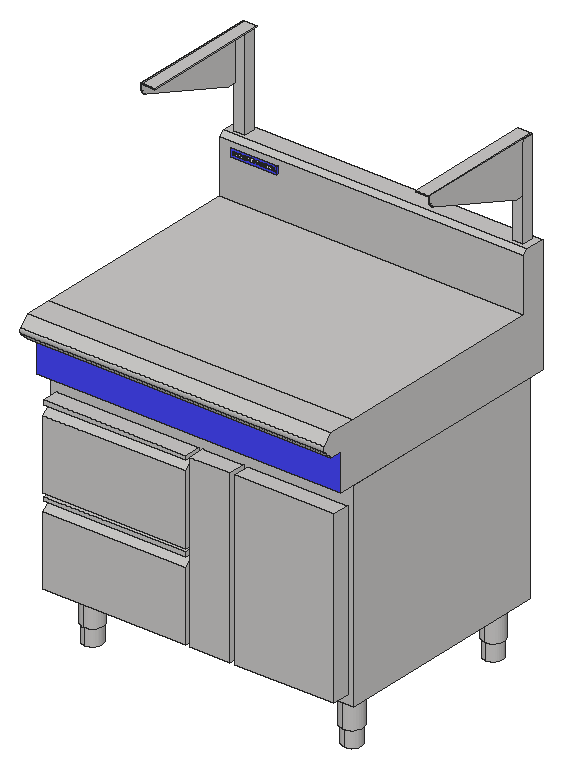
Revit family "QF_MOFFAT_BLUESEAL_CE_B90S-RB", category Specialty Equipment, Revit 2012
Parameters
  Width = 900 mm
  Weight in Pounds = 266  # constant formula
  Watts = Volts * FL Amps  # 414 W
  Volts = 230 V
  URL Cutsheet = "www.moffat.com"
  URL = "www.moffat.com"
  Type Mark [instance] = ""
  Status [instance] = "R134a"
  Specification by User [instance] = ""
  Specification by Manufacturer = ""
  Show Logo [instance] = yes
  Show Clearance [instance] = yes
  Show Casters [instance] = no
  Serial Number = ""
  Seismic Rating = ""
  SMACNA No = ""
  Revision Code [instance] = ""
  Refrigerant Type [instance] = ""
  Phase = 1
  Omniclass Number and Title = ""
  Number of Poles [instance] = 1
  NAFEM Spec ID Number = ""
  Model = "B90S-RB"
  Min Ckt Ampacity = 0 A
  Max Overcurrent Protection = 0 A
  Masterspec = ""
  Manufacturer = "MOFFAT BLUESEAL"
  Legs [instance] = not(Show Casters)  # yes
  Item Number [instance] = ""
  Installed By [instance] = ""
  Identify Quantity as Lot [instance] = yes
  Height = 1085 mm
  HP = ""
  Furnished By [instance] = ""
  Foodservice Equipment Identifier [instance] = yes
  FL Amps = 1.8 A
  Electrical Remarks = ""
  Electric Connection Type = ""
  Elec Conn RI Height = 0 mm
  Elec Conn Connection Height = 0 mm
  Description = "900MM BENCH TOP ON REFRIGERATED BASE"
  Depth = 812 mm
  Cycle = 50 Hz
  Conn Plug = ""
  Conn Conduit = yes
  CSI MasterFormat = ""
  CSI Master Format = ""
  Body Finish [instance] = QF_Finishes_Stainless Steel
  Apparent Power = 0 VA
Reference planes
  plane 1 "BACK": y = 0
  plane 2: z = 0
  plane 3 "LEFT": x = 0
  plane 4 "RIGHT": x = 900
  plane 5 "FRONT": y = -812
  plane 6 "TOP": z = 970
  plane 7 "Center Y": x = 450
  plane 8 "Center X": y = -406
  plane 9: x = 280
  plane 10: y = -574.272
  plane 11: x = 60
  plane 12: y = -304.972
  plane 13: y = -364.972
  plane 14: x = 74
  plane 15: x = 834.5
  plane 16: y = -32
  plane 17: z = 655
  plane 18: z = 1085
Forms (mm)
  Revolve 1, solid, material "QF_Finishes_Stainless Steel"
    sketch origin (834.5, -696.126, 0) x (0, 1, 0) y (0, 0, -1)
      loop
        line (39.376, -150) -> (71.126, -150) -> (71.126, 0) -> (43.626, 0) -> (43.626, -50) -> (39.376, -50) -> (39.376, -150)
      axis (71.126, -150) -> (71.126, 0)
    angle from 0 to 360
  Revolve 2, solid, material "QF_Finishes_Stainless Steel"
    sketch origin (65.5, -696.126, 0) x (0, 1, 0) y (0, 0, 1)
      loop
        line (39.376, 150) -> (39.376, 50) -> (43.626, 50) -> (43.626, 0) -> (71.126, 0) -> (71.126, 150) -> (39.376, 150)
      axis (71.126, 150) -> (71.126, 0)
    angle from 0 to 360
  Extrusion 3, solid, material "QF_Finishes_Stainless Steel", visible <- "Show Casters"
    sketch origin (71.501, 133.353, -8.783) x (0, 1, 0) y (0, 0, 1)
      loop
        line (-201.603, 118.783) -> (-265.103, 118.783) -> (-252.746, 53.895)
        arc (-252.746, 53.895) -> (-233.353, 38.783) -> (-213.959, 53.895) r 20
        line (-213.959, 53.895) -> (-201.603, 118.783)
    from -35.667 to 22.923
  Revolve 4, solid, material "QF_Finishes_Stainless Steel", visible <- "Show Casters"
    sketch origin (65, -203, 0) x (0, 1, 0) y (0, 0, 1)
      loop
        line (67.25, 150) -> (67.25, 110) -> (103, 110) -> (103, 150) -> (67.25, 150)
      axis (103, 150) -> (103, 110)
    angle from 0 to 360
  Revolve 5, solid, material "QF_Finishes_Stainless Steel", visible <- "Show Casters"
    sketch origin (834.5, -203, 0) x (0, 1, 0) y (0, 0, -1)
      loop
        line (67.25, -150) -> (103, -150) -> (103, -110) -> (67.25, -110) -> (67.25, -150)
      axis (103, -150) -> (103, -110)
    angle from 0 to 360
  Revolve 6, solid, material "QF_Finishes_Stainless Steel", visible <- "Show Casters"
    sketch origin (785.276, -99.755, -13.653) x (1, 0, 0) y (0, 0, 1)
      loop
        line (14.841, 64.453) -> (83.584, 64.453) -> (83.584, 67.958) -> (82.314, 69.228) -> (80.79, 69.228) -> (80.79, 72.674) -> (68.644, 72.674) -> (68.644, 82.639) -> (65.088, 84.692) -> (63.738, 93.028) -> (65.881, 93.028) -> (65.881, 99.378) -> (65.088, 99.378) -> (65.088, 105.728)
        arc (65.088, 105.728) -> (62.298, 112.463) -> (55.563, 115.253) r 9.525
        line (55.563, 115.253) -> (42.863, 115.253)
        arc (42.863, 115.253) -> (36.127, 112.463) -> (33.338, 105.728) r 9.525
        line (33.338, 105.728) -> (33.338, 99.378) -> (32.544, 99.378) -> (32.544, 93.028) -> (34.687, 93.028) -> (33.352, 84.781) -> (29.782, 82.719) -> (29.782, 72.674) -> (17.635, 72.674) -> (17.635, 69.228) -> (16.111, 69.228) -> (14.841, 67.958) -> (14.841, 64.453)
      axis (14.841, 64.453) -> (83.584, 64.453)
    angle from 0 to 360
  Extrusion 7, solid, material "QF_Finishes_Stainless Steel", visible <- "Show Casters"
    sketch origin (841.001, 133.353, -8.783) x (0, 1, 0) y (0, 0, 1)
      loop
        line (-201.603, 118.783) -> (-265.103, 118.783) -> (-252.746, 53.895)
        arc (-252.746, 53.895) -> (-233.353, 38.783) -> (-213.959, 53.895) r 20
        line (-213.959, 53.895) -> (-201.603, 118.783)
    from -35.667 to 22.923
  Revolve 8, solid, material "QF_Finishes_Stainless Steel", visible <- "Legs"
    sketch origin (65, -165, 0) x (0, 1, 0) y (0, 0, 1)
      loop
        line (33.25, 150) -> (33.25, 50) -> (37.5, 50) -> (37.5, 0) -> (65, 0) -> (65, 150) -> (33.25, 150)
      axis (65, 150) -> (65, 0)
    angle from 0 to 360
  Revolve 9, solid, material "QF_Finishes_Stainless Steel", visible <- "Legs"
    sketch origin (834.5, -165, 0) x (0, 1, 0) y (0, 0, -1)
      loop
        line (33.25, -150) -> (65, -150) -> (65, 0) -> (37.5, 0) -> (37.5, -50) -> (33.25, -50) -> (33.25, -150)
      axis (65, -150) -> (65, 0)
    angle from 0 to 360
  Revolve 10, solid, material "QF_Finishes_Stainless Steel", visible <- "Show Casters"
    sketch origin (114.224, -99.755, -13.653) x (-1, 0, 0) y (0, 0, -1)
      loop
        line (14.841, -64.453) -> (14.841, -67.958) -> (16.111, -69.228) -> (17.635, -69.228) -> (17.635, -72.674) -> (29.782, -72.674) -> (29.782, -82.719) -> (33.352, -84.781) -> (34.687, -93.028) -> (32.544, -93.028) -> (32.544, -99.378) -> (33.338, -99.378) -> (33.338, -105.728)
        arc (33.338, -105.728) -> (36.127, -112.463) -> (42.863, -115.253) r 9.525
        line (42.863, -115.253) -> (55.563, -115.253)
        arc (55.563, -115.253) -> (62.298, -112.463) -> (65.088, -105.728) r 9.525
        line (65.088, -105.728) -> (65.088, -99.378) -> (65.881, -99.378) -> (65.881, -93.028) -> (63.738, -93.028) -> (65.088, -84.692) -> (68.644, -82.639) -> (68.644, -72.674) -> (80.79, -72.674) -> (80.79, -69.228) -> (82.314, -69.228) -> (83.584, -67.958) -> (83.584, -64.453) -> (14.841, -64.453)
      axis (14.841, -64.453) -> (83.584, -64.453)
    angle from 0 to 360
  Extrusion 11, solid, material "QF_Finishes_Stainless Steel"
    sketch origin (0, 0, 0) x (0, 1, 0) y (0, 0, 1)
      loop
        line (-699, 678) -> (-747, 678) -> (-747, 665) -> (-715.13, 665) -> (-749, 636.579) -> (-749, 431) -> (-699, 431) -> (-699, 678)
      loop
        line (-749, 175) -> (-699, 175) -> (-699, 421) -> (-747, 421) -> (-747, 408) -> (-715.13, 408) -> (-749, 379.579) -> (-749, 175)
    from 17.986 to 440
  Extrusion 12, solid, material "QF_Finishes_Stainless Steel"
    sketch origin (723.5, 0, 0) x (0, 1, 0) y (0, 0, 1)
      loop
        line (-699, 678) -> (-749, 678) -> (-749, 175) -> (-699, 175) -> (-699, 678)
    from -270.5 to -150.5
  Extrusion 13, solid, material "QF_Door-Drawer Clearances", visible <- "Show Clearance", detail levels coarse
    sketch origin (0, -749, 676) x (0, 0, -1) y (1, 0, 0)
      loop
        line (501, 440) -> (255, 440) -> (255, 17.986) -> (501, 17.986) -> (501, 440)
      loop
        line (245, 440) -> (-2, 440) -> (-2, 17.986) -> (245, 17.986) -> (245, 440)
    from 0 to 304.8
  Extrusion 14, solid, material "QF_Finishes_Stainless Steel"
    sketch origin (0, -47, 150) x (0, 0, 1) y (1, 0, 0)
      loop
        circle (270, 526) r 6.35
    from 0 to 1.6
  Extrusion 15, solid, material "QF_Finishes_Stainless Steel"
    sketch origin (0, 0, 0) x (0, 1, 0) y (0, 0, 1)
      loop
        line (0, 1085) -> (-57, 1085) -> (-70, 1072) -> (-70, 915) -> (-705, 915) -> (-783.97, 915) -> (-808.503, 890.467)
        arc (-808.503, 890.467) -> (-812.01, 882) -> (-808.503, 873.533) r 11.974
        line (-808.503, 873.533) -> (-784.97, 850) -> (-749, 850) -> (-749, 740) -> (0, 740) -> (0, 1085)
      loop
        line (-699, 150) -> (-47, 150) -> (-47, 695.183) -> (-47, 737.784) -> (-699, 737.784) -> (-699, 150)
    from 0 to 900
  Extrusion 16, solid, material "QF_Finishes_Stainless Steel" <- "Body Finish"
    sketch origin (0, 0, 158) x (0, 1, 0) y (0, 0, 1)
      loop
        line (-13, 1204.5) -> (-45, 1204.5) -> (-45, 927) -> (-13, 927) -> (-13, 1204.5)
    from 21.5 to 53.5
  Extrusion 17, solid, material "QF_Finishes_Stainless Steel" <- "Body Finish"
    sketch origin (0, 0, 158) x (0, 1, 0) y (0, 0, 1)
      loop
        line (-391, 1207) -> (-391, 1194.344)
        arc (-391, 1194.344) -> (-386.541, 1180.094) -> (-374.754, 1170.927) r 25
        line (-374.754, 1170.927) -> (-70, 1057) -> (-13, 1057) -> (-13, 1207) -> (-391, 1207)
    from 21.5 to 24.592
  Extrusion 18, solid, material "QF_Finishes_Stainless Steel" <- "Body Finish"
    sketch origin (0, -45, 1362.5) x (0, 1, 0) y (-1, 0, 0)
      loop
        line (32, -24.592) -> (-346, -24.592) -> (-346, -64) -> (32, -64) -> (32, -24.592)
    from 0 to 2.5
  Extrusion 19, solid, material "QF_Finishes_Stainless Steel" <- "Body Finish"
    sketch origin (900, 0, 158) x (0, -1, 0) y (0, 0, 1)
      loop
        line (13, 1204.5) -> (13, 927) -> (45, 927) -> (45, 1204.5) -> (13, 1204.5)
    from 21.5 to 53.5
  Extrusion 20, solid, material "QF_Finishes_Stainless Steel" <- "Body Finish"
    sketch origin (900, 0, 158) x (0, -1, 0) y (0, 0, 1)
      loop
        line (391, 1207) -> (13, 1207) -> (13, 1057) -> (70, 1057) -> (374.754, 1170.927)
        arc (374.754, 1170.927) -> (386.541, 1180.094) -> (391, 1194.344) r 25
        line (391, 1194.344) -> (391, 1207)
    from 21.5 to 24.592
  Extrusion 21, solid, material "QF_Finishes_Stainless Steel" <- "Body Finish"
    sketch origin (900, -45, 1362.5) x (0, 1, 0) y (-1, 0, 0)
      loop
        line (32, 24.592) -> (32, 64) -> (-346, 64) -> (-346, 24.592) -> (32, 24.592)
    from 0 to 2.5
  Extrusion 22, solid, material "QF_Clearance", visible <- "Show Clearance", detail levels coarse
    sketch origin (0, -391, 1365) x (0, 1, 0) y (-1, 0, 0)
      loop
        line (378, -21.5) -> (0, -21.5) -> (0, -878.5) -> (378, -878.5) -> (378, -21.5)
    from 0 to 405
  Extrusion 23, solid, material "QF_Finishes_Stainless Steel"
    sketch origin (1031.5, 0, 0) x (0, 1, 0) y (0, 0, 1)
      loop
        line (-699, 678) -> (-749, 678) -> (-749, 175) -> (-699, 175) -> (-699, 678)
    from -444.5 to -150.5
Lines and regions (mm)
  Split face 1
    outline origin (0, 0, 1085) x (0, -1, 0) y (1, 0, 0)
      loop
        line (18.185, 271.959) -> (18.185, 44)
        arc (18.185, 44) -> (23.185, 35.34) -> (33.185, 35.34) r 10
        line (33.185, 35.34) -> (40.185, 39.381)
        arc (40.185, 39.381) -> (43.846, 43.041) -> (45.185, 48.041) r 10
        line (45.185, 48.041) -> (45.185, 276)
        arc (45.185, 276) -> (40.185, 284.66) -> (30.185, 284.66) r 10
        line (30.185, 284.66) -> (23.185, 280.619)
        arc (23.185, 280.619) -> (19.525, 276.959) -> (18.185, 271.959) r 10
  Split face 2
    outline origin (330, 7.097, 1085) x (0, -1, 0) y (1, 0, 0)
      loop
        line (25.282, 231.959) -> (25.282, 4)
        arc (25.282, 4) -> (30.282, -4.66) -> (40.282, -4.66) r 10
        line (40.282, -4.66) -> (47.282, -0.618)
        arc (47.282, -0.618) -> (50.942, 3.042) -> (52.282, 8.042) r 10
        line (52.282, 8.042) -> (52.282, 236)
        arc (52.282, 236) -> (47.282, 244.661) -> (37.282, 244.661) r 10
        line (37.282, 244.661) -> (30.282, 240.619)
        arc (30.282, 240.619) -> (26.622, 236.959) -> (25.282, 231.959) r 10
  Split face 3
    outline origin (620.967, 9.462, 1085) x (0, -1, 0) y (1, 0, 0)
      loop
        line (27.648, 230.992) -> (27.648, 3.033)
        arc (27.648, 3.033) -> (32.648, -5.627) -> (42.648, -5.627) r 10
        line (42.648, -5.627) -> (49.648, -1.586)
        arc (49.648, -1.586) -> (53.308, 2.074) -> (54.648, 7.074) r 10
        line (54.648, 7.074) -> (54.648, 235.033)
        arc (54.648, 235.033) -> (49.648, 243.693) -> (39.648, 243.693) r 10
        line (39.648, 243.693) -> (32.648, 239.652)
        arc (32.648, 239.652) -> (28.988, 235.992) -> (27.648, 230.992) r 10
  Split face 4
    outline origin (1031.5, -749, 676) x (0, 0, -1) y (1, 0, 0)
      loop
        line (291.62, -416.534) -> (481.62, -416.534) -> (481.62, -181.534) -> (291.62, -181.534) -> (291.62, -416.534)
  Split face 5
    outline origin (1031.5, -749, 931) x (0, 0, -1) y (1, 0, 0)
      loop
        line (291.62, -416.534) -> (356.62, -416.534) -> (356.62, -181.534) -> (291.62, -181.534) -> (291.62, -416.534)
  Split face 6
    outline origin (1031.5, -749, 807.725) x (0, 0, -1) y (1, 0, 0)
      loop
        line (307.841, -274.649) -> (342.841, -274.649) -> (342.841, -219.649) -> (307.841, -219.649) -> (307.841, -274.649)
  Split face 7
    outline origin (939.097, -749, 808.536) x (0, 0, -1) y (1, 0, 0)
      loop
        line (307.841, -274.649) -> (342.841, -274.649) -> (342.841, -239.649) -> (307.841, -239.649) -> (307.841, -274.649)
  symbolic lines
    curve 1: line (0, 0, 0) -> (0, -812, 0)
    curve 2: line (900, 0, 0) -> (0, 0, 0)
    curve 3: line (900, -812, 0) -> (900, 0, 0)
    curve 4: line (0, -70, 0) -> (900, -70, 0)
    curve 5: line (900, -812, 0) -> (0, -812, 0)
    curve 6: line (900, -57, 0) -> (0, -57, 0)
    curve 7: line (276, -45.185, 0) -> (48.041, -45.185, 0)
    curve 8: arc (48.041, -45.185, 0) -> (43.041, -43.846, 0) -> (39.381, -40.185, 0) r 10
    curve 9: line (39.381, -40.185, 0) -> (35.34, -33.185, 0)
    curve 10: arc (35.34, -33.185, 0) -> (35.34, -23.185, 0) -> (44, -18.185, 0) r 10
    curve 11: line (44, -18.185, 0) -> (271.959, -18.185, 0)
    curve 12: arc (271.959, -18.185, 0) -> (276.959, -19.525, 0) -> (280.619, -23.185, 0) r 10
    curve 13: line (280.619, -23.185, 0) -> (284.66, -30.185, 0)
    curve 14: arc (284.66, -30.185, 0) -> (284.66, -40.185, 0) -> (276, -45.185, 0) r 10
    curve 15: line (566, -45.185, 0) -> (338.041, -45.185, 0)
    curve 16: arc (338.041, -45.185, 0) -> (333.041, -43.846, 0) -> (329.381, -40.185, 0) r 10
    curve 17: line (329.381, -40.185, 0) -> (325.34, -33.185, 0)
    curve 18: arc (325.34, -33.185, 0) -> (325.34, -23.185, 0) -> (334, -18.185, 0) r 10
    curve 19: line (334, -18.185, 0) -> (561.959, -18.185, 0)
    curve 20: arc (561.959, -18.185, 0) -> (566.959, -19.525, 0) -> (570.619, -23.185, 0) r 10
    curve 21: line (570.619, -23.185, 0) -> (574.66, -30.185, 0)
    curve 22: arc (574.66, -30.185, 0) -> (574.66, -40.185, 0) -> (566, -45.185, 0) r 10
    curve 23: line (856, -45.185, 0) -> (628.041, -45.185, 0)
    curve 24: arc (628.041, -45.185, 0) -> (623.041, -43.846, 0) -> (619.381, -40.185, 0) r 10
    curve 25: line (619.381, -40.185, 0) -> (615.34, -33.185, 0)
    curve 26: arc (615.34, -33.185, 0) -> (615.34, -23.185, 0) -> (624, -18.185, 0) r 10
    curve 27: line (624, -18.185, 0) -> (851.959, -18.185, 0)
    curve 28: arc (851.959, -18.185, 0) -> (856.959, -19.525, 0) -> (860.619, -23.185, 0) r 10
    curve 29: line (860.619, -23.185, 0) -> (864.66, -30.185, 0)
    curve 30: arc (864.66, -30.185, 0) -> (864.66, -40.185, 0) -> (856, -45.185, 0) r 10
    curve 31: line (0, -783.97, 0) -> (900, -783.97, 0)
    curve 39: line (21.48, -13, 0) -> (21.48, -391, 0)
    curve 40: line (63.98, -391, 0) -> (63.98, -13, 0)
    curve 41: line (63.98, -13, 0) -> (21.48, -13, 0)
    curve 42: line (878.52, -13, 0) -> (878.52, -391, 0)
    curve 43: line (878.52, -391, 0) -> (836.02, -391, 0)
    curve 44: line (836.02, -391, 0) -> (836.02, -13, 0)
    curve 45: line (836.02, -13, 0) -> (878.52, -13, 0)
    curve 46: line (21.48, -391, 0) -> (63.98, -391, 0)
  symbolic lines, style "QF_Door-Drawer Clearances"
    curve 32: line (0, -1053.8, 0) -> (0, -812, 0)
    curve 33: line (440, -812, 0) -> (440, -1053.8, 0)
    curve 34: line (440, -1053.8, 0) -> (0, -1053.8, 0)
  symbolic lines, style "QF_Clearances", visible <- "Show Clearance", detail levels coarse
    curve 35: line (21.48, -13, 0) -> (21.48, -391, 0)
    curve 36: line (21.48, -391, 0) -> (878.52, -391, 0)
    curve 37: line (878.52, -391, 0) -> (878.52, -13, 0)
    curve 38: line (878.52, -13, 0) -> (21.48, -13, 0)
Dimensions and locks
  equal spacing: plane 3 "LEFT", plane 7 "Center Y", plane 4 "RIGHT"
  "Width": plane 3 "LEFT" to plane 4 "RIGHT"
  equal spacing: plane 5 "FRONT", plane 8 "Center X", plane 1 "BACK"
  "Depth": plane 5 "FRONT" to plane 1 "BACK"
  equal spacing: plane 4 "RIGHT", plane 7 "Center Y", plane 3 "LEFT"
  plane 4 "RIGHT" to plane 3 "LEFT" = 900 mm
  plane 5 "FRONT" to plane 1 "BACK" = 812 mm
  plane 10 to plane 1 "BACK" = 574.272 mm
  plane 12 to plane 1 "BACK" = 304.972 mm  (x2)
  plane 11 to plane 3 "LEFT" = 60 mm
  plane 14 to plane 3 "LEFT" = 74 mm
  plane 9 to plane 3 "LEFT" = 280 mm
  plane 6 "TOP" to plane 2 = 970 mm
  plane 17 to level = 655 mm
  Revolve 6 sketch curve to Revolve 6 sketch curve = 50.8 mm
  Revolve 10 sketch curve to Revolve 10 sketch curve = 50.8 mm
  plane 18 to level = 1085 mm  (x2)
  Extrusion 14 sketch curve to plane 4 "RIGHT" = 374 mm
  level to Extrusion 14 sketch curve = 420 mm
  aligned and locked: level to plane 2
  aligned and locked: curve 3 to plane 4 "RIGHT"
Automatic sketch dimensions
  Revolve 1 sketch curve to level = 0 mm
  Revolve 1 sketch curve to plane 10 = 82.478 mm
  Revolve 1 sketch curve to Revolve 1 sketch curve = 4.25 mm
  Revolve 1 sketch curve to Revolve 1 sketch curve = 27.5 mm  (x2)
  level to Revolve 1 sketch curve = 50 mm
  Revolve 1 sketch curve to Revolve 1 sketch curve = 0 mm
  Revolve 1 sketch curve to Revolve 1 sketch curve = 100 mm
  Revolve 1 sketch curve to Revolve 1 sketch curve = 55 mm
  Revolve 2 sketch curve to level = 0 mm
  Revolve 2 sketch curve to plane 10 = 82.478 mm
  Revolve 2 sketch curve to Revolve 2 sketch curve = 4.25 mm
  Revolve 2 sketch curve to Revolve 2 sketch curve = 27.5 mm  (x2)
  Revolve 2 sketch curve to level = 55 mm
  Revolve 2 sketch curve to Revolve 2 sketch curve = 50 mm
  Revolve 2 sketch curve to Revolve 2 sketch curve = 0 mm
  Revolve 2 sketch curve to Revolve 2 sketch curve = 100 mm
  Extrusion 3 sketch curve to plane 16 = 99.75 mm
  Extrusion 3 sketch curve to Extrusion 3 sketch curve = 12.357 mm
  Extrusion 3 sketch curve to Extrusion 3 sketch curve = 19.393 mm  (x2)
  level to Extrusion 3 sketch curve = 45.111 mm
  Extrusion 3 sketch curve to plane 16 = 36.25 mm
  Extrusion 3 sketch curve to Extrusion 3 sketch curve = 4.889 mm
  Extrusion 3 sketch curve to Extrusion 3 sketch curve = 64.889 mm
  Revolve 4 sketch curve to plane 16 = 103.75 mm
  Revolve 4 sketch curve to plane 16 = 68 mm
  Revolve 4 sketch curve to Revolve 4 sketch curve = 35.75 mm
  Revolve 4 sketch curve to level = 55 mm
  level to Revolve 4 sketch curve = 50 mm
  Revolve 4 sketch curve to Revolve 4 sketch curve = 60 mm
  Revolve 4 sketch curve to Revolve 4 sketch curve = 40 mm
  Revolve 5 sketch curve to plane 16 = 103.75 mm
  Revolve 5 sketch curve to plane 16 = 68 mm
  Revolve 5 sketch curve to Revolve 5 sketch curve = 35.75 mm
  level to Revolve 5 sketch curve = 150 mm
  Revolve 5 sketch curve to Revolve 5 sketch curve = 40 mm
  level to Revolve 5 sketch curve = 50 mm
  Revolve 5 sketch curve to level = 55 mm
  Revolve 6 sketch curve to plane 15 = 34.382 mm
  Revolve 6 sketch curve to Revolve 6 sketch curve = 1.27 mm  (x4)
  Revolve 6 sketch curve to Revolve 6 sketch curve = 1.524 mm  (x2)
  Revolve 6 sketch curve to Revolve 6 sketch curve = 12.146 mm  (x2)
  Revolve 6 sketch curve to plane 15 = 16.68 mm
  Revolve 6 sketch curve to Revolve 6 sketch curve = 0.794 mm  (x2)
  Revolve 6 sketch curve to Revolve 6 sketch curve = 3.57 mm
  Revolve 6 sketch curve to Revolve 6 sketch curve = 2.143 mm
  Revolve 6 sketch curve to plane 15 = 6.361 mm
  plane 15 to Revolve 6 sketch curve = 5.13 mm
  plane 15 to Revolve 6 sketch curve = 6.339 mm
  plane 15 to Revolve 6 sketch curve = 14.515 mm
  Revolve 6 sketch curve to Revolve 6 sketch curve = 1.349 mm  (x2)
  Revolve 6 sketch curve to Revolve 6 sketch curve = 3.556 mm
  Revolve 6 sketch curve to plane 4 "RIGHT" = 2.18 mm
  level to Revolve 6 sketch curve = 50.8 mm
  Revolve 6 sketch curve to Revolve 6 sketch curve = 0 mm
  Revolve 6 sketch curve to Revolve 6 sketch curve = 3.505 mm  (x2)
  Revolve 6 sketch curve to Revolve 6 sketch curve = 3.447 mm  (x2)
  Revolve 6 sketch curve to Revolve 6 sketch curve = 9.964 mm
  Revolve 6 sketch curve to Revolve 6 sketch curve = 10.045 mm
  Revolve 6 sketch curve to Revolve 6 sketch curve = 2.053 mm
  Revolve 6 sketch curve to Revolve 6 sketch curve = 2.061 mm
  Revolve 6 sketch curve to Revolve 6 sketch curve = 8.247 mm
  Revolve 6 sketch curve to Revolve 6 sketch curve = 8.336 mm
  Revolve 6 sketch curve to Revolve 6 sketch curve = 6.35 mm  (x2)
  Extrusion 7 sketch curve to plane 16 = 99.75 mm
  Extrusion 7 sketch curve to Extrusion 7 sketch curve = 12.357 mm
  Extrusion 7 sketch curve to Extrusion 7 sketch curve = 19.393 mm  (x2)
  level to Extrusion 7 sketch curve = 45.111 mm
  Extrusion 7 sketch curve to plane 16 = 36.25 mm
  Extrusion 7 sketch curve to Extrusion 7 sketch curve = 4.889 mm
  Extrusion 7 sketch curve to Extrusion 7 sketch curve = 64.889 mm
  Revolve 8 sketch curve to level = 0 mm
  Revolve 8 sketch curve to plane 16 = 99.75 mm
  Revolve 8 sketch curve to Revolve 8 sketch curve = 4.25 mm
  Revolve 8 sketch curve to Revolve 8 sketch curve = 27.5 mm  (x2)
  Revolve 8 sketch curve to level = 55 mm
  Revolve 8 sketch curve to Revolve 8 sketch curve = 50 mm
  Revolve 8 sketch curve to Revolve 8 sketch curve = 0 mm
  Revolve 8 sketch curve to Revolve 8 sketch curve = 100 mm
  Revolve 9 sketch curve to level = 0 mm
  Revolve 9 sketch curve to plane 16 = 99.75 mm
  Revolve 9 sketch curve to Revolve 9 sketch curve = 4.25 mm
  Revolve 9 sketch curve to Revolve 9 sketch curve = 27.5 mm  (x2)
  level to Revolve 9 sketch curve = 50 mm
  Revolve 9 sketch curve to Revolve 9 sketch curve = 0 mm
  Revolve 9 sketch curve to Revolve 9 sketch curve = 100 mm
  Revolve 9 sketch curve to Revolve 9 sketch curve = 55 mm
  plane 14 to Revolve 10 sketch curve = 25.382 mm
  Revolve 10 sketch curve to Revolve 10 sketch curve = 1.27 mm  (x4)
  Revolve 10 sketch curve to Revolve 10 sketch curve = 1.524 mm  (x2)
  plane 14 to Revolve 10 sketch curve = 10.442 mm
  plane 14 to Revolve 10 sketch curve = 7.68 mm
  Revolve 10 sketch curve to Revolve 10 sketch curve = 0.794 mm  (x2)
  Revolve 10 sketch curve to Revolve 10 sketch curve = 3.57 mm
  Revolve 10 sketch curve to Revolve 10 sketch curve = 2.143 mm
  Revolve 10 sketch curve to plane 14 = 2.639 mm
  Revolve 10 sketch curve to plane 11 = 0.13 mm
  Revolve 10 sketch curve to plane 11 = 1.339 mm
  Revolve 10 sketch curve to plane 11 = 9.515 mm
  Revolve 10 sketch curve to Revolve 10 sketch curve = 1.349 mm  (x2)
  Revolve 10 sketch curve to Revolve 10 sketch curve = 3.556 mm
  Revolve 10 sketch curve to Revolve 10 sketch curve = 12.146 mm
  Revolve 10 sketch curve to plane 3 "LEFT" = 2.68 mm
  level to Revolve 10 sketch curve = 101.6 mm
  Revolve 10 sketch curve to Revolve 10 sketch curve = 6.35 mm  (x4)
  Revolve 10 sketch curve to Revolve 10 sketch curve = 8.247 mm
  Revolve 10 sketch curve to Revolve 10 sketch curve = 8.336 mm
  Revolve 10 sketch curve to Revolve 10 sketch curve = 2.061 mm
  Revolve 10 sketch curve to Revolve 10 sketch curve = 2.053 mm
  Revolve 10 sketch curve to Revolve 10 sketch curve = 10.045 mm
  Revolve 10 sketch curve to Revolve 10 sketch curve = 9.964 mm
  Revolve 10 sketch curve to Revolve 10 sketch curve = 3.447 mm  (x2)
  Revolve 10 sketch curve to Revolve 10 sketch curve = 3.505 mm
  Extrusion 11 sketch curve to plane 17 = 18.421 mm
  Extrusion 11 sketch curve to plane 5 "FRONT" = 63 mm  (x2)
  Extrusion 11 sketch curve to Extrusion 11 sketch curve = 2 mm  (x2)
  plane 17 to Extrusion 11 sketch curve = 10 mm
  Extrusion 11 sketch curve to Extrusion 11 sketch curve = 31.87 mm  (x2)
  Extrusion 11 sketch curve to Extrusion 11 sketch curve = 50 mm
  Extrusion 11 sketch curve to Extrusion 11 sketch curve = 0 mm
  Extrusion 11 sketch curve to Extrusion 11 sketch curve = 205.579 mm
  Extrusion 11 sketch curve to Extrusion 11 sketch curve = 10 mm
  Extrusion 11 sketch curve to Extrusion 11 sketch curve = 13 mm  (x2)
  Extrusion 11 sketch curve to Extrusion 11 sketch curve = 28.421 mm
  level to Extrusion 11 sketch curve = 175 mm
  Extrusion 12 sketch curve to plane 5 "FRONT" = 63 mm
  Extrusion 12 sketch curve to Extrusion 12 sketch curve = 50 mm
  level to Extrusion 12 sketch curve = 175 mm
  plane 17 to Extrusion 12 sketch curve = 23 mm
  Extrusion 13 sketch curve to Extrusion 11 = 0 mm  (x3)
  Extrusion 11 to Extrusion 13 sketch curve = 0 mm  (x2)
  Extrusion 11 to Extrusion 13 sketch curve = 41.421 mm
  Extrusion 11 to Extrusion 13 sketch curve = 10 mm
  Extrusion 13 sketch curve to Extrusion 13 sketch curve = 246 mm
  plane 18 to Extrusion 15 sketch curve = 0 mm
  Extrusion 15 sketch curve to plane 1 "BACK" = 0 mm
  Extrusion 15 sketch curve to plane 16 = 15 mm
  Extrusion 15 sketch curve to plane 16 = 25 mm
  Extrusion 15 sketch curve to Extrusion 15 sketch curve = 13 mm
  Extrusion 15 sketch curve to plane 5 "FRONT" = 113 mm
  Extrusion 15 sketch curve to plane 5 "FRONT" = 107 mm
  Extrusion 15 sketch curve to Extrusion 15 sketch curve = 0 mm  (x2)
  Extrusion 15 sketch curve to plane 5 "FRONT" = 63 mm
  Extrusion 15 sketch curve to plane 5 "FRONT" = 28.03 mm
  Extrusion 15 sketch curve to plane 5 "FRONT" = 27.03 mm
  Extrusion 15 sketch curve to plane 5 "FRONT" = 11.964 mm
  Extrusion 15 sketch curve to plane 5 "FRONT" = 3.497 mm  (x2)
  plane 18 to Extrusion 15 sketch curve = 13 mm
  Extrusion 15 sketch curve to plane 6 "TOP" = 55 mm
  Extrusion 15 sketch curve to Extrusion 15 sketch curve = 24.533 mm
  Extrusion 15 sketch curve to Extrusion 15 sketch curve = 8.467 mm
  Extrusion 15 sketch curve to Extrusion 15 sketch curve = 23.533 mm
  plane 17 to Extrusion 15 sketch curve = 85 mm
  Extrusion 15 sketch curve to Extrusion 15 sketch curve = 2.216 mm
  plane 17 to Extrusion 15 sketch curve = 40.183 mm
  level to Extrusion 15 sketch curve = 150 mm
  Split face 1 sketch curve to Extrusion 15 = 18.185 mm
  Split face 1 sketch curve to Split face 1 sketch curve = 5 mm  (x2)
  Split face 1 sketch curve to Split face 1 sketch curve = 10 mm  (x3)
  Split face 1 sketch curve to Split face 1 sketch curve = 7 mm  (x4)
  Split face 1 sketch curve to Extrusion 15 = 35.34 mm
  Split face 1 sketch curve to Split face 1 sketch curve = 4.041 mm  (x2)
  Split face 1 sketch curve to Split face 1 sketch curve = 223.917 mm
  Split face 2 sketch curve to Extrusion 15 = 18.185 mm
  Split face 2 sketch curve to Split face 2 sketch curve = 5 mm  (x2)
  Split face 2 sketch curve to Split face 2 sketch curve = 10 mm  (x3)
  Split face 2 sketch curve to Split face 2 sketch curve = 7 mm  (x4)
  Split face 2 sketch curve to Extrusion 15 = 325.34 mm
  Split face 2 sketch curve to Split face 2 sketch curve = 4.041 mm  (x2)
  Split face 2 sketch curve to Split face 2 sketch curve = 223.917 mm
  Split face 3 sketch curve to Extrusion 15 = 18.185 mm
  Split face 3 sketch curve to Split face 3 sketch curve = 5 mm  (x3)
  Split face 3 sketch curve to Split face 3 sketch curve = 10 mm  (x2)
  Split face 3 sketch curve to Split face 3 sketch curve = 7 mm  (x4)
  Split face 3 sketch curve to Extrusion 15 = 284.66 mm
  Split face 3 sketch curve to Split face 3 sketch curve = 4.041 mm  (x2)
  Split face 3 sketch curve to Extrusion 15 = 48.041 mm
  plane 18 to Extrusion 16 sketch curve = 0 mm
  Extrusion 16 sketch curve to plane 16 = 13 mm
  plane 1 "BACK" to Extrusion 16 sketch curve = 13 mm
  Extrusion 16 sketch curve to plane 18 = 277.5 mm
  plane 8 "Center X" to Extrusion 17 sketch curve = 15 mm
  Extrusion 17 sketch curve to plane 13 = 9.782 mm
  Extrusion 17 sketch curve to plane 13 = 1.028 mm
  Extrusion 17 sketch curve to plane 16 = 38 mm
  plane 1 "BACK" to Extrusion 17 sketch curve = 13 mm
  Extrusion 17 sketch curve to plane 18 = 130 mm
  Extrusion 17 sketch curve to plane 18 = 243.927 mm
  Extrusion 17 sketch curve to Extrusion 17 sketch curve = 12.656 mm
  Extrusion 16 to Extrusion 18 sketch curve = 0 mm
  Extrusion 16 to Extrusion 18 sketch curve = 3.092 mm
  Extrusion 16 to Extrusion 18 sketch curve = 346 mm
  Extrusion 18 sketch curve to Extrusion 16 = 10.5 mm
  plane 18 to Extrusion 19 sketch curve = 0 mm
  plane 1 "BACK" to Extrusion 19 sketch curve = 13 mm
  Extrusion 19 sketch curve to plane 16 = 13 mm
  Extrusion 19 sketch curve to plane 18 = 277.5 mm
  plane 1 "BACK" to Extrusion 20 sketch curve = 13 mm
  Extrusion 20 sketch curve to plane 16 = 38 mm
  Extrusion 20 sketch curve to plane 13 = 1.028 mm
  Extrusion 20 sketch curve to plane 13 = 9.782 mm
  plane 8 "Center X" to Extrusion 20 sketch curve = 15 mm
  Extrusion 20 sketch curve to plane 18 = 130 mm
  Extrusion 20 sketch curve to plane 18 = 243.927 mm
  Extrusion 20 sketch curve to Extrusion 20 sketch curve = 12.656 mm
  plane 15 to Extrusion 21 sketch curve = 1.5 mm
  plane 8 "Center X" to Extrusion 21 sketch curve = 15 mm
  plane 1 "BACK" to Extrusion 21 sketch curve = 13 mm
  plane 4 "RIGHT" to Extrusion 21 sketch curve = 24.592 mm
  plane 8 "Center X" to Extrusion 22 sketch curve = 15 mm
  plane 1 "BACK" to Extrusion 22 sketch curve = 13 mm
  plane 4 "RIGHT" to Extrusion 22 sketch curve = 21.5 mm
  plane 3 "LEFT" to Extrusion 22 sketch curve = 21.5 mm
  Extrusion 23 sketch curve to plane 5 "FRONT" = 63 mm
  Extrusion 23 sketch curve to Extrusion 23 sketch curve = 50 mm
  level to Extrusion 23 sketch curve = 175 mm
  plane 17 to Extrusion 23 sketch curve = 23 mm
  Split face 4 sketch curve to Extrusion 23 = 31.034 mm
  Split face 4 sketch curve to Extrusion 23 = 209.38 mm
  Split face 4 sketch curve to Extrusion 23 = 19.38 mm
  Split face 4 sketch curve to Extrusion 23 = 27.966 mm
  Split face 5 sketch curve to Extrusion 23 = 38.62 mm
  Split face 5 sketch curve to Extrusion 23 = 27.966 mm
  Split face 5 sketch curve to Split face 5 sketch curve = 65 mm
  Split face 5 sketch curve to Extrusion 23 = 31.034 mm
  Split face 6 sketch curve to Extrusion 23 = 69.149 mm
  Split face 6 sketch curve to Extrusion 23 = 178.116 mm
  Split face 6 sketch curve to Split face 6 sketch curve = 35 mm
  Split face 6 sketch curve to Split face 6 sketch curve = 55 mm
  Split face 7 sketch curve to Extrusion 23 = 177.305 mm
  Split face 7 sketch curve to Split face 7 sketch curve = 35 mm  (x2)
  Split face 7 sketch curve to Extrusion 23 = 77.448 mm
  plane 1 "BACK" to curve 1 = 0 mm
  curve 1 to plane 3 "LEFT" = 0 mm
  plane 5 "FRONT" to curve 33 = 0 mm
  plane 3 "LEFT" to curve 46 = 21.48 mm
  curve 9 to plane 16 = 1.185 mm
  curve 35 to curve 9 = 13.86 mm
  curve 9 to plane 16 = 8.185 mm
  curve 10 to curve 9 = 4.041 mm
  curve 11 to plane 11 = 16 mm
  curve 8 to curve 8 = 8.66 mm
  plane 11 to curve 40 = 3.98 mm
  plane 16 to curve 12 = 3.815 mm
  curve 12 to plane 9 = 8.041 mm
  curve 14 to plane 9 = 4 mm
  plane 9 to curve 12 = 0.619 mm
  plane 16 to curve 13 = 1.815 mm
  plane 9 to curve 13 = 4.66 mm
  curve 18 to plane 16 = 1.185 mm
  curve 13 to curve 18 = 40.679 mm
  curve 17 to plane 16 = 8.185 mm
  curve 18 to curve 17 = 4.041 mm
  curve 17 to curve 18 = 8.66 mm
  curve 16 to curve 15 = 8.66 mm
  curve 33 to plane 7 "Center Y" = 10 mm
  plane 16 to curve 20 = 13.815 mm
  plane 7 "Center Y" to curve 20 = 111.959 mm
  curve 20 to curve 22 = 4.041 mm
  curve 19 to curve 20 = 8.66 mm
  plane 16 to curve 21 = 1.815 mm
  curve 21 to curve 21 = 4.041 mm
  curve 25 to plane 16 = 1.185 mm
  curve 21 to curve 25 = 40.679 mm
  curve 25 to plane 16 = 8.185 mm
  curve 26 to curve 25 = 4.041 mm
  curve 25 to curve 26 = 8.66 mm
  curve 24 to curve 24 = 8.66 mm
  plane 15 to curve 44 = 1.52 mm
  plane 16 to curve 28 = 3.815 mm
  plane 15 to curve 28 = 17.459 mm
  curve 30 to plane 16 = 3.185 mm
  curve 28 to curve 30 = 4.041 mm  (x2)
  plane 16 to curve 29 = 8.815 mm
  curve 28 to curve 29 = 8.66 mm
  plane 16 to curve 30 = 1.815 mm
  curve 28 to curve 45 = 17.901 mm
  curve 32 to curve 1 = 241.8 mm
  curve 31 to plane 5 "FRONT" = 28.03 mm
  plane 8 "Center X" to curve 46 = 15 mm
  curve 4 to plane 16 = 38 mm
  curve 4 to curve 6 = 13 mm
  curve 7 to plane 16 = 13.185 mm
  curve 15 to plane 16 = 13.185 mm
  plane 16 to curve 20 = 3.815 mm
  plane 16 to curve 10 = 3.815 mm
  plane 1 "BACK" to curve 39 = 13 mm
  radius of Extrusion 14 sketch curve = 6.35 mm
Nested families
  nested 1: "WALDORF LOGO_FACE BASE" at (32, -70, 1055.959) x (1, 0, 0) z (0, -1, 0), visible <- "Show Logo", type "WALDORF LOGO_FACE BASE", detail levels medium+fine
    with Show Logo yes
Connectors
  electrical at (526, -45.4, 420), driven by "Volts", driven by "Watts"
    settings: on Extrusion 14, index 5, voltage 230 V, apparent load 414 VA, apparent load phase1 0 VA, apparent load phase2 0 VA, apparent load phase3 0 VA, power factor 1, load classification "Other", number of poles 1, system type 30, power factor state 1, is connector primary yes, connector utility no, sub classification motor no, connector description "ELECTRICAL CONNECTION"
Definition of nested family "WALDORF LOGO_FACE BASE"
  Parameters (values of type "WALDORF LOGO_FACE BASE")
    Show Logo [instance] = yes
    Default Elevation = 1219.2 mm
  Reference planes
    plane 1 "Center (Front/Back)": y = 0
    plane 2: z = 0
    plane 3 "Center (Left/Right)": x = 0
  Forms (mm)
    Extrusion 1, solid
      sketch origin (0, 0, 0) x (1, 0, 0) y (0, 1, 0)
        loop
          line (-1219.2, 1219.2) -> (-1219.2, -1219.2) -> (1219.2, -1219.2) -> (1219.2, 1219.2) -> (-1219.2, 1219.2)
      from 0 to -304.8
    Extrusion 2, solid, material "QF_Finishes_Blue", visible <- "Show Logo"
      sketch origin (0, -33.217, 0) x (1, 0, 0) y (0, 1, 0)
        loop
          arc (138, 31.942) -> (137.626, 32.844) -> (136.724, 33.217) r 1.276
          line (136.724, 33.217) -> (1.29, 33.217)
          arc (1.29, 33.217) -> (0.378, 32.839) -> (0, 31.927) r 1.29
          line (0, 31.927) -> (0, 11.507)
          arc (0, 11.507) -> (0.378, 10.595) -> (1.29, 10.217) r 1.29
          line (1.29, 10.217) -> (136.71, 10.217)
          arc (136.71, 10.217) -> (137.622, 10.595) -> (138, 11.507) r 1.29
          line (138, 11.507) -> (138, 31.942)
      from 0 to 1.588
    Extrusion 3, solid, material "QF_Finishes_White", visible <- "Show Logo"
      sketch origin (0, -33.217, 1.588) x (1, 0, 0) y (0, 1, 0)
        loop
          arc (108.946, 25.919) -> (107.613, 25.367) -> (107.061, 24.034) r 1.885
          line (107.061, 24.034) -> (107.061, 17.211) -> (112.704, 17.211) -> (112.704, 19.129) -> (115.546, 19.129) -> (115.546, 17.211) -> (121.584, 17.211) -> (121.584, 24.075)
          arc (121.584, 24.075) -> (121.043, 25.379) -> (119.739, 25.919) r 1.845
          line (119.739, 25.919) -> (108.946, 25.919)
        loop
          line (123.478, 25.919) -> (123.478, 17.163) -> (134.904, 17.163) -> (134.904, 19.129) -> (129.246, 19.129) -> (129.246, 25.919) -> (123.478, 25.919)
        loop
          line (112.704, 21.258) -> (115.546, 21.258) -> (115.546, 22.702)
          arc (115.546, 22.702) -> (115.344, 23.188) -> (114.858, 23.389) r 0.687
          line (114.858, 23.389) -> (113.363, 23.389)
          arc (113.363, 23.389) -> (112.897, 23.196) -> (112.704, 22.73) r 0.658
          line (112.704, 22.73) -> (112.704, 21.258)
        loop
          line (105.071, 25.919) -> (93.771, 25.919) -> (93.771, 17.163) -> (105.071, 17.163) -> (105.071, 19.063) -> (99.535, 19.063) -> (99.535, 20.437) -> (105.071, 20.437) -> (105.071, 22.278) -> (99.535, 22.278) -> (99.535, 23.587) -> (105.071, 23.587) -> (105.071, 25.919)
        loop
          line (91.104, 25.919) -> (79.541, 25.919)
          arc (79.541, 25.919) -> (78.558, 25.513) -> (78.152, 24.53) r 1.389
          line (78.152, 24.53) -> (78.152, 22.08)
          arc (78.152, 22.08) -> (78.558, 21.098) -> (79.541, 20.691) r 1.389
          line (79.541, 20.691) -> (86.346, 20.691) -> (86.346, 18.864) -> (83.266, 18.864) -> (83.266, 19.664) -> (78.152, 19.664) -> (78.152, 18.553)
          arc (78.152, 18.553) -> (78.558, 17.57) -> (79.541, 17.163) r 1.389
          line (79.541, 17.163) -> (91.063, 17.163)
          arc (91.063, 17.163) -> (92.045, 17.57) -> (92.452, 18.553) r 1.389
          line (92.452, 18.553) -> (92.452, 20.691)
          arc (92.452, 20.691) -> (92.045, 21.673) -> (91.063, 22.08) r 1.389
          line (91.063, 22.08) -> (83.266, 22.08) -> (83.266, 23.984) -> (86.346, 23.984) -> (86.346, 22.743) -> (92.452, 22.743) -> (92.452, 24.571)
          arc (92.452, 24.571) -> (92.057, 25.524) -> (91.104, 25.919) r 1.348
        loop
          line (70.705, 25.919) -> (59.405, 25.919) -> (59.405, 17.163) -> (70.705, 17.163) -> (70.705, 19.063) -> (65.169, 19.063) -> (65.169, 20.437) -> (70.705, 20.437) -> (70.705, 22.278) -> (65.169, 22.278) -> (65.169, 23.587) -> (70.705, 23.587) -> (70.705, 25.919)
        loop
          line (57.598, 25.919) -> (51.7, 25.919) -> (51.7, 20.18)
          arc (51.7, 20.18) -> (50.63, 19.11) -> (49.56, 20.18) r 1.07
          line (49.56, 20.18) -> (49.56, 25.919) -> (43.663, 25.919) -> (43.663, 19.049)
          arc (43.663, 19.049) -> (44.215, 17.716) -> (45.548, 17.163) r 1.885
          line (45.548, 17.163) -> (55.71, 17.163)
          arc (55.71, 17.163) -> (57.045, 17.716) -> (57.598, 19.051) r 1.887
          line (57.598, 19.051) -> (57.598, 25.919)
        loop
          line (31.62, 25.919) -> (31.62, 17.163) -> (43.046, 17.163) -> (43.046, 19.129) -> (37.388, 19.129) -> (37.388, 25.919) -> (31.62, 25.919)
        loop
          line (15.969, 25.919) -> (15.969, 17.163) -> (28.693, 17.163)
          arc (28.693, 17.163) -> (29.812, 17.627) -> (30.276, 18.746) r 1.582
          line (30.276, 18.746) -> (30.276, 20.447) -> (29.48, 21.243) -> (30.276, 22.039) -> (30.276, 24.332)
          arc (30.276, 24.332) -> (29.811, 25.454) -> (28.688, 25.919) r 1.587
          line (28.688, 25.919) -> (15.969, 25.919)
        loop
          line (21.449, 24.159) -> (21.449, 22.436) -> (23.862, 22.436)
          arc (23.862, 22.436) -> (24.723, 23.298) -> (23.862, 24.159) r 0.861
          line (23.862, 24.159) -> (21.449, 24.159)
        loop
          line (21.449, 20.244) -> (21.449, 18.522) -> (23.862, 18.522)
          arc (23.862, 18.522) -> (24.723, 19.383) -> (23.862, 20.244) r 0.861
          line (23.862, 20.244) -> (21.449, 20.244)
      from 0 to 0.2
    Extrusion 4, solid, material "QF_Finishes_Blue", visible <- "Show Logo"
      sketch origin (-126.498, -31.09, 1.588) x (1, 0, 0) y (0, 1, 0)
        loop
          line (136.738, 23.522) -> (136.738, 15.1)
          arc (136.738, 15.1) -> (140.756, 19.311) -> (136.738, 23.522) r 4.216
      from 0 to 0.2
    Extrusion 5, solid, material "QF_Finishes_Red", visible <- "Show Logo"
      sketch origin (146.849, -31.09, 1.588) x (-1, 0, 0) y (0, -1, 0)
        loop
          arc (136.738, -23.522) -> (140.756, -19.311) -> (136.738, -15.1) r 4.216
          line (136.738, -15.1) -> (136.738, -23.522)
      from 0 to 0.2
  Lines and regions (mm)
    Split face 1
      outline origin (-90.35, -30.793, 1.588) x (1, 0, 0) y (0, 1, 0)
        loop
          circle (100.54, 19.013) r 4.536
  Dimensions and locks
    aligned and locked: plane 2 to Extrusion 1
    aligned and locked: level to Extrusion 1
